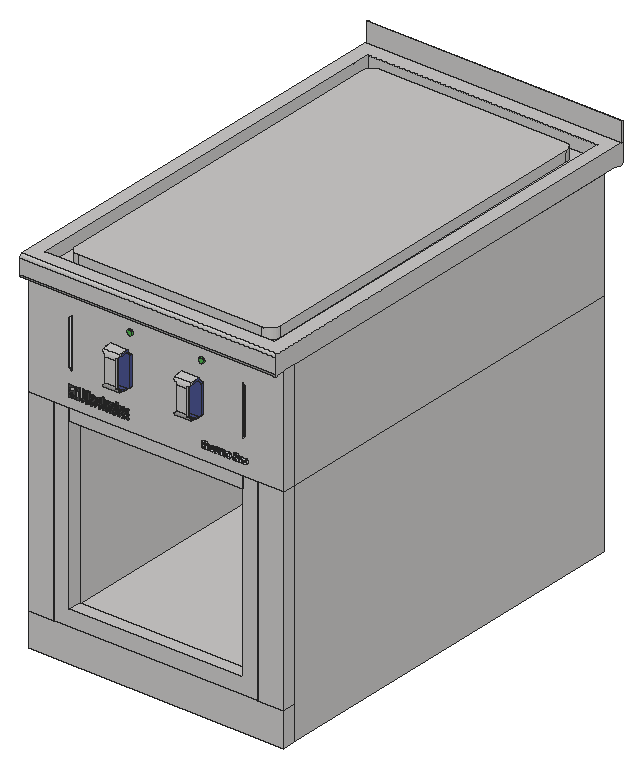
Revit family "QF_ELECTROLUXPROFESSIONAL_588681_MBLBGBEDAO", category Attrezzature speciali, Revit 2021
Family settings
  Quota connettore circolare = Usa diametro
  Tipo di parte = Normale
  Basato su piano di lavoro = No
  Sempre verticale = Sì
  Taglio con vuoti quando caricato = No
  Condiviso = No
  Punto di calcolo locali = No
Parameters (values of type "Standard")
  Weight = 90.00 kg
  Watts = 6000 W
  Volts = 400 V
  URL Manufacturer = "https://www.electroluxprofessional.com/"
  URL = "https://www.electroluxprofessional.com/"
  Steam Supply Size = 0"
  Steam Supply Minimum Pressure = 0.00 psi
  Steam Supply Maximum Pressure = 0.00 psi
  Steam Consumption per Hour = 0
  Refrigeration Suction Line Size = 0 mm
  Refrigeration Liquid Line Size = 0 mm
  Refrigerant Compressor Remote = yes
  Prospetto di default = 0 mm
  Phase = 3
  Modello = "MBLBGBEDAO"
  Produttore = "Electrolux Professional"
  Length Actual = 500 mm  # constant formula
  Item Number = "588681"
  Hot Water Size = 0"
  Height Actual = 700 mm  # constant formula
  HP = "8 HP"
  Gas Size = 0"
  Gas KW = 0
  Gas Input Pressure = 0.0 Btu/h
  Direct Waste Size = 0"
  Descrizione = "EL.SOLID TOP,2ZONE,ECO,1S,BS,500X850X700"
  Depth Actual = 850 mm  # constant formula
  Cycle = 50 Hz
  Condensate Return Size = 0"
  Compressed Air Volume = 0 GPM
  Compressed Air Size = 0"
  Compressed Air Pressure = 0.00 psi
  Cold Water Size = 0"
  Accessory = yes
Reference planes
  plane 1 "BACK": y = 0
  plane 2: z = 0
  plane 3 "LEFT": x = 0
  plane 4 "RIGHT": x = 500
  plane 5 "FRONT": y = -850
  plane 6 "TOP": z = 900
  plane 7 "Center (Left/Right)": x = 250
  plane 8: y = -425
  plane 9: y = -150
  plane 10: x = 25
  plane 11: x = 475
  plane 12: y = -30
  plane 13: y = -820
  plane 14 "EIx": x = 455
  plane 15 "EIy": y = -635
  plane 16: z = 938
  plane 17 "BaseTop": z = 650
  plane 18: y = -805
  plane 19 "Base": z = 200
Forms (mm)
  Extrusion 1, solid, material "QF_Finishes_Stainless Steel"
    sketch origin (-178.969, -4572, 100) x (-1, 0, 0) y (0, -1, 0)
      loop
        line (-178.969, -4527) -> (-178.969, -3767) -> (-678.969, -3767) -> (-678.969, -4527) -> (-178.969, -4527)
    from 550 to 762.969
  Extrusion 2, solid, material "QF_Finishes_Stainless Steel"
    sketch origin (0, 0, 200) x (-1, 0, 0) y (0, -1, 0)
      loop
        circle (-455, 635) r 6.35
    from 0 to -11.851
  Extrusion 3, solid, material "QF_Finishes_Stainless Steel"
    sketch origin (250, 296.4, 1219.2) x (0, 1, 0) y (0, 0, 1)
      loop
        line (-296.4, -319.2) -> (-1141.4, -319.2)
        arc (-1141.4, -319.2) -> (-1144.935, -320.664) -> (-1146.4, -324.2) r 5
        line (-1146.4, -324.2) -> (-1146.4, -355.2)
        arc (-1146.4, -355.2) -> (-1144.971, -358.264) -> (-1141.705, -359.139) r 4
        line (-1141.705, -359.139) -> (-1126.4, -356.231) -> (-316.4, -356.231) -> (-301.094, -359.139)
        arc (-301.094, -359.139) -> (-297.829, -358.264) -> (-296.4, -355.2) r 4
        line (-296.4, -355.2) -> (-296.4, -319.2)
    from -250 to 250
  Extrusion 4, solid, material "QF_Finishes_Stainless Steel"
    sketch origin (0, 0, 900) x (-1, 0, 0) y (0, -1, 0)
      loop
        arc (-70, 55) -> (-55.858, 60.858) -> (-50, 75) r 20
        line (-50, 75) -> (-50, 775)
        arc (-50, 775) -> (-55.858, 789.142) -> (-70, 795) r 20
        line (-70, 795) -> (-430, 795)
        arc (-430, 795) -> (-444.142, 789.142) -> (-450, 775) r 20
        line (-450, 775) -> (-450, 75)
        arc (-450, 75) -> (-444.142, 60.858) -> (-430, 55) r 20
        line (-430, 55) -> (-70, 55)
    from 0 to -20
  Extrusion 5, void
    sketch origin (0, 0, 900) x (-1, 0, 0) y (0, -1, 0)
      loop
        line (-25, 820) -> (-475, 820) -> (-475, 30) -> (-25, 30) -> (-25, 820)
    from 0 to -25
  Extrusion 6, solid, material "QF_Finishes_Stainless Steel"
    sketch origin (250, 296.4, 1219.2) x (0, 1, 0) y (0, 0, 1)
      loop
        line (-296.4, -319.2) -> (-296.4, -281.2) -> (-298.4, -281.2) -> (-298.4, -319.2) -> (-296.4, -319.2)
    from 250 to -250
Cuts and joins
  Extrusion 5 cuts Extrusion 3
Lines and regions (mm)
  symbolic lines
    curve 1: line (0, 0, 100) -> (500, 0, 100)
    curve 2: line (0, -850, 100) -> (0, 0, 100)
    curve 3: line (500, -850, 100) -> (0, -850, 100)
    curve 4: line (500, 0, 100) -> (500, -850, 100)
    curve 5: line (0, -2, 0) -> (500, -2, 0)
    curve 6: arc (70, -55, 0) -> (55.858, -60.858, 0) -> (50, -75, 0) r 20
    curve 7: line (430, -55, 0) -> (70, -55, 0)
    curve 8: line (50, -75, 0) -> (50, -775, 0)
    curve 9: line (70, -795, 0) -> (430, -795, 0)
    curve 10: arc (50, -775, 0) -> (55.858, -789.142, 0) -> (70, -795, 0) r 20
    curve 11: arc (430, -795, 0) -> (444.142, -789.142, 0) -> (450, -775, 0) r 20
    curve 12: line (450, -775, 0) -> (450, -75, 0)
    curve 13: arc (450, -75, 0) -> (444.142, -60.858, 0) -> (430, -55, 0) r 20
  model lines, style "SpecialityEquipment"
    curve 14: arc (250, -211, 900) -> (196.967, -339.033, 900) -> (325, -286, 900) r 75
    curve 15: line (305, -286, 900) -> (345, -286, 900)
    curve 16: line (345, -286, 900) -> (325, -266, 900)
    curve 17: line (305, -286, 900) -> (325, -266, 900)
    curve 18: arc (250, -539, 900) -> (196.967, -667.033, 900) -> (325, -614, 900) r 75
    curve 19: line (305, -614, 900) -> (345, -614, 900)
    curve 20: line (345, -614, 900) -> (325, -594, 900)
    curve 21: line (305, -614, 900) -> (325, -594, 900)
Dimensions and locks
  plane 3 "LEFT" to plane 4 "RIGHT" = 500 mm
  locked: plane 5 "FRONT" to plane 1 "BACK" at 850
  equal spacing: plane 3 "LEFT", plane 7 "Center (Left/Right)", plane 4 "RIGHT"
  equal spacing: plane 5 "FRONT", plane 8, plane 1 "BACK"
  plane 6 "TOP" to level = 900 mm  (x2)
  plane 1 "BACK" to plane 9 = 150 mm
  plane 1 "BACK" to Extrusion 2 = 635 mm
  locked: plane 14 "EIx" to plane 4 "RIGHT" at 45
  locked: plane 15 "EIy" to plane 1 "BACK" at 635
  plane 16 to plane 6 "TOP" = 38 mm
  plane 12 to plane 1 "BACK" = 30 mm
  plane 5 "FRONT" to plane 13 = 30 mm
  plane 3 "LEFT" to plane 10 = 25 mm
  plane 11 to plane 4 "RIGHT" = 25 mm
  locked: plane 6 "TOP" to plane 17 "BaseTop" at 250
  locked: plane 18 to plane 5 "FRONT" at 45
  aligned and locked: level to plane 2
  aligned and locked: cut or joined group of Extrusion 3, Extrusion 5 to plane 3 "LEFT"
  aligned and locked: cut or joined group of Extrusion 3, Extrusion 5 to plane 4 "RIGHT"
  aligned and locked: Extrusion 5 sketch curve to plane 10
  aligned and locked: plane 12 to Extrusion 5 sketch curve
  aligned and locked: plane 11 to Extrusion 5 sketch curve
  aligned and locked: Extrusion 5 sketch curve to plane 13
  aligned and locked: nested 1 to plane 18
  aligned and locked: Extrusion 1 to plane 18
  aligned and locked: Extrusion 6 to plane 3 "LEFT"
  aligned and locked: Extrusion 6 to plane 4 "RIGHT"
  aligned and locked: plane 3 "LEFT" to nested 1
  aligned and locked: plane 3 "LEFT" to nested 2
  aligned and locked: Extrusion 1 to nested 2
Automatic sketch dimensions
  Extrusion 3 sketch curve to plane 5 "FRONT" = 0 mm
  Extrusion 3 sketch curve to plane 6 "TOP" = 0 mm
  Extrusion 3 sketch curve to plane 1 "BACK" = 0 mm
  Extrusion 3 sketch curve to plane 5 "FRONT" = 4 mm
  Extrusion 3 sketch curve to Extrusion 3 sketch curve = 0.695 mm
  Extrusion 3 sketch curve to plane 5 "FRONT" = 5 mm
  Extrusion 3 sketch curve to Extrusion 3 sketch curve = 15.305 mm
  plane 1 "BACK" to Extrusion 3 sketch curve = 20 mm
  plane 1 "BACK" to Extrusion 3 sketch curve = 4.695 mm
  Extrusion 3 sketch curve to Extrusion 3 sketch curve = 4 mm
  Extrusion 3 sketch curve to Extrusion 3 sketch curve = 31 mm
  Extrusion 3 sketch curve to plane 6 "TOP" = 36 mm
  Extrusion 3 sketch curve to Extrusion 3 sketch curve = 2.909 mm
  Extrusion 1 sketch curve to plane 4 "RIGHT" = 0 mm
  Extrusion 1 sketch curve to plane 3 "LEFT" = 0 mm
  plane 1 "BACK" to Extrusion 1 sketch curve = 45 mm
  plane 1 "BACK" to curve 1 = 0 mm
  curve 1 to plane 4 "RIGHT" = 0 mm
  curve 2 to plane 3 "LEFT" = 0 mm
  plane 5 "FRONT" to curve 3 = 0 mm
  Extrusion 1 sketch curve to plane 5 "FRONT" = 45 mm
  Extrusion 6 sketch curve to plane 6 "TOP" = 0 mm
  Extrusion 6 sketch curve to plane 16 = 0 mm
  Extrusion 6 sketch curve to plane 1 "BACK" = 0 mm
  Extrusion 6 sketch curve to Extrusion 6 sketch curve = 2 mm
  curve 5 to plane 3 "LEFT" = 0 mm
  curve 5 to plane 4 "RIGHT" = 0 mm
  plane 1 "BACK" to curve 5 = 2 mm
  plane 11 to Extrusion 4 sketch curve = 25 mm
  Extrusion 4 sketch curve to Extrusion 4 sketch curve = 20 mm  (x3)
  plane 9 to Extrusion 4 sketch curve = 75 mm
  Extrusion 4 sketch curve to plane 10 = 45 mm
  Extrusion 4 sketch curve to plane 13 = 45 mm  (x2)
  Extrusion 2 sketch curve to plane 14 "EIx" = 0 mm
  Extrusion 2 sketch curve to plane 15 "EIy" = 0 mm
  curve 6 to plane 10 = 45 mm
  plane 12 to curve 7 = 25 mm
  curve 6 to curve 6 = 20 mm
  plane 18 to curve 8 = 30 mm
  plane 18 to curve 9 = 10 mm
  plane 14 "EIx" to curve 9 = 25 mm
  curve 11 to curve 11 = 20 mm
  curve 12 to curve 7 = 20 mm
  curve 14 to plane 7 "Center (Left/Right)" = 0 mm
  curve 18 to plane 7 "Center (Left/Right)" = 0 mm
  curve 14 to plane 9 = 136 mm
  plane 15 "EIy" to curve 18 = 21 mm
  plane 7 "Center (Left/Right)" to curve 21 = 55 mm
  plane 7 "Center (Left/Right)" to curve 17 = 55 mm
  curve 18 to curve 19 = 20 mm
  curve 17 to curve 15 = 20 mm
  curve 21 to curve 18 = 0 mm
  curve 14 to curve 15 = 20 mm
  curve 17 to curve 14 = 20 mm
  curve 21 to curve 18 = 20 mm
  radius of Extrusion 2 sketch curve = 6.35 mm
Nested families
  nested 1: "Front_Panel_W500_2 Knobs_2Spie" at (52.376, -805, 0), type "Front_Panel_W500_2 Knobs_2Spie"
  nested 2: "QF_ELECTROLUXPROFESSIONAL_588641_MB1NCAEOOO" at (0, 0, 0), type "QF_ELECTROLUXPROFESSIONAL_588641_MB1NCAEOOO"
    with Type Mark "", Specification by User "", Revision Code "", Item Number "", Installed By "", Identify Quantity as Lot yes, Furnished By "", Foodservice Equipment Identifier yes
Connectors
  electrical at (455, -635, 188.149)
    settings: on Extrusion 2, index 1, voltage 400 V, apparent load 33000 VA, apparent load phase1 0 VA, apparent load phase2 0 VA, apparent load phase3 0 VA, power factor 1, load classification "Other", number of poles 1, system type 30, power factor state 1, is connector primary yes, connector utility no, sub classification motor no, connector description "ELECTRICAL CONNECTION"
Definition of nested family "Front_Panel_W500_2 Knobs_2Spie"
  Parameters
    Default Elevation = 0 mm
  Reference planes
    plane 1 "Center (Front/Back)": y = 0
    plane 2: z = 0
    plane 3 "Center (Left/Right)": x = 197.624
    plane 4 "Left": x = -52.376
    plane 5 "Right": x = 447.624
    plane 6: y = -45
    plane 7 "Panel": y = -25
  Forms (mm)
    Extrusion 1, solid
      sketch origin (833.217, 829.203, -1.25) x (0, 1, 0) y (0, 0, 1)
        loop
          line (-854.203, 651.25) -> (-829.203, 651.25) -> (-829.203, 864.25) -> (-854.203, 864.25) -> (-854.203, 651.25)
      from -885.593 to -385.593
    Extrusion 2, void
      sketch origin (0, -25, -10) x (0, 0, 1) y (-1, 0, 0)
        loop
          line (731.866, -27.624) -> (726.866, -32.624) -> (823.866, -32.624) -> (818.866, -27.624) -> (731.866, -27.624)
        loop
          line (731.866, -372.624) -> (818.866, -372.624) -> (823.866, -367.624) -> (726.866, -367.624) -> (731.866, -372.624)
      from 0 to -2
    Extrusion 3, solid
      sketch origin (160, -25, 1.163) x (0, 0, 1) y (-1, 0, 0)
        loop
          circle (824.337, 12.376) r 5
      from 0 to 1.7
    Extrusion 4, solid
      sketch origin (0, -25, -10) x (0, 0, 1) y (-1, 0, 0)
        loop
          line (731.866, -27.624) -> (726.866, -32.624) -> (823.866, -32.624) -> (818.866, -27.624) -> (731.866, -27.624)
        loop
          line (726.866, -367.624) -> (731.866, -372.624) -> (818.866, -372.624) -> (823.866, -367.624) -> (726.866, -367.624)
      from 0 to -2
    Extrusion 5, solid
      sketch origin (300, -25, 1.163) x (0, 0, 1) y (-1, 0, 0)
        loop
          circle (824.337, 12.376) r 5
      from 0 to 1.7
  Cuts and joins
    Extrusion 2 cuts Extrusion 1
  Dimensions and locks
    equal spacing: plane 5 "Right", plane 3 "Center (Left/Right)", plane 4 "Left"
    plane 5 "Right" to plane 4 "Left" = 500 mm
    aligned and locked: cut or joined group of Extrusion 1, Extrusion 2 to plane 4 "Left"
    aligned and locked: plane 5 "Right" to cut or joined group of Extrusion 1, Extrusion 2
  Automatic sketch dimensions
    Extrusion 1 sketch curve to plane 7 "Panel" = 0 mm
    Extrusion 1 sketch curve to plane 1 "Center (Front/Back)" = 0 mm
    level to Extrusion 1 sketch curve = 650 mm
    Extrusion 1 sketch curve to Extrusion 1 sketch curve = 213 mm
    Extrusion 2 sketch curve to plane 5 "Right" = 80 mm
    level to Extrusion 2 sketch curve = 716.866 mm
    plane 4 "Left" to Extrusion 2 sketch curve = 85 mm
    Extrusion 2 sketch curve to Extrusion 2 sketch curve = 0 mm
    plane 4 "Left" to Extrusion 2 sketch curve = 80 mm
    Extrusion 2 sketch curve to Extrusion 2 sketch curve = 5 mm  (x4)
    Extrusion 2 sketch curve to plane 5 "Right" = 75 mm
    Extrusion 2 sketch curve to Extrusion 2 sketch curve = 87 mm  (x2)
    Extrusion 3 sketch curve to plane 3 "Center (Left/Right)" = 50 mm
    level to Extrusion 3 sketch curve = 825.5 mm
    Extrusion 4 sketch curve to plane 5 "Right" = 80 mm
    level to Extrusion 4 sketch curve = 716.866 mm
    plane 4 "Left" to Extrusion 4 sketch curve = 85 mm
    Extrusion 4 sketch curve to Extrusion 4 sketch curve = 0 mm
    Extrusion 4 sketch curve to Extrusion 4 sketch curve = 5 mm  (x5)
    plane 4 "Left" to Extrusion 4 sketch curve = 80 mm
    Extrusion 4 sketch curve to Extrusion 4 sketch curve = 87 mm  (x2)
    plane 3 "Center (Left/Right)" to Extrusion 5 sketch curve = 90 mm
    level to Extrusion 5 sketch curve = 825.5 mm
    radius of Extrusion 3 sketch curve = 5 mm
    radius of Extrusion 5 sketch curve = 5 mm
  Nested families
    nested 1: "Range Control Handle" at (127.624, -28.137, -209.113) x (-1, 0, 0) z (0, 0, 1), type "Range Control Handle"
    nested 2: "ELX_ThermaLine_Small" at (328.825, -25, 679.391) x (1, 0, 0) z (0, -1, 0), type "ELX_ThermaLine_Small"
      with Show Logo yes, Material_Logo none
    nested 3: "ELX_Professional_Logo_Small" at (87.097, -25, 681.624) x (1, 0, 0) z (0, -1, 0), type "ELX_Professional_Logo_Small"
      with Show Logo yes, Material_Logo none
    nested 4: "Range Control Handle" at (267.624, -28.137, -209.113) x (-1, 0, 0) z (0, 0, 1), type "Range Control Handle"
  Definition of nested family "Range Control Handle"
    Parameters
      Default Elevation = 0 mm
    Reference planes
      plane 1 "Center (Front/Back)": y = 0
      plane 2: z = 0
      plane 3 "Center (Left/Right)": x = 0
      plane 4: z = 971.092
      plane 5: y = -16.9
    Forms (mm)
      Extrusion 1, solid
        sketch origin (-746.28, 380.497, 208.931) x (-1, 0, 0) y (0, 0, 1)
          loop
            line (-770.101, 786.798) -> (-770.101, 731.649)
            arc (-770.101, 731.649) -> (-769.759, 730.563) -> (-768.855, 729.87) r 1.893
            line (-768.855, 729.87) -> (-763.474, 727.911) -> (-729.81, 727.911) -> (-724.428, 729.87)
            arc (-724.428, 729.87) -> (-723.525, 730.563) -> (-723.183, 731.649) r 1.893
            line (-723.183, 731.649) -> (-723.183, 786.798)
            arc (-723.183, 786.798) -> (-723.529, 787.894) -> (-724.44, 788.593) r 1.91
            line (-724.44, 788.593) -> (-729.683, 790.819) -> (-763.601, 790.819) -> (-768.844, 788.593)
            arc (-768.844, 788.593) -> (-769.755, 787.894) -> (-770.101, 786.798) r 1.91
        from -382.35 to -378.852
      Sweep 2, solid
        path origin (-746.788, 380.496, 208.091) x (0, -1, 0) y (0, 0, 1)
          loop
            line (379.775, 793.281) -> (395.661, 791.048)
            arc (395.661, 791.048) -> (397.781, 787.377) -> (398.517, 783.202) r 12.207
            line (398.517, 783.202) -> (398.517, 737.368)
            arc (398.517, 737.368) -> (397.781, 733.193) -> (395.661, 729.522) r 12.207
            line (395.661, 729.522) -> (379.775, 727.289)
        profile origin (-746.788, -7.222, 1000.256) x (0, -0.139173, 0.990268) y (-1, 0, 0)
          loop
            line (0.782, -763.123) -> (0.782, -730.907) -> (-1.322, -730.907) -> (-1.322, -763.123) -> (0.782, -763.123)
      Sweep 3, solid
        path origin (-746.788, 380.715, 207.832) x (0, -1, 0) y (0, 0, 1)
          loop
            line (380.478, 795.442) -> (397.218, 793.09)
            arc (397.218, 793.09) -> (399.929, 788.473) -> (400.871, 783.202) r 15.207
            line (400.871, 783.202) -> (400.871, 737.584)
            arc (400.871, 737.584) -> (399.914, 732.274) -> (397.164, 727.633) r 15.207
            line (397.164, 727.633) -> (380.601, 725.305)
        profile origin (-746.788, -8.132, 1002.099) x (0, -0.139173, 0.990268) y (-1, 0, 0)
          loop
            line (0.782, -763.123) -> (0.782, -730.907) -> (-1.322, -730.907) -> (-1.322, -763.123) -> (0.782, -763.123)
      Extrusion 4, void
        sketch origin (889.253, 220.666, 207.993) x (1, 0, 0) y (0, 0, 1)
          loop
            line (-943.038, 816.854) -> (-943.038, 703.686) -> (-899.466, 734.196) -> (-899.466, 786.344) -> (-943.038, 816.854)
        from 230.636 to 242.25
      Extrusion 5, void
        sketch origin (-888.8, 220.666, 207.993) x (-1, 0, 0) y (0, 0, -1)
          loop
            line (-943.038, -816.854) -> (-899.466, -786.344) -> (-899.466, -734.196) -> (-943.038, -703.686) -> (-943.038, -816.854)
        from 230.636 to 242.25
      Extrusion 6, solid
        sketch origin (0, 0, 0) x (1, 0, 0) y (0, 0, 1)
          loop
            circle (0, 971.092) r 7.736
        from -3.137 to -1.645
    Cuts and joins
      Extrusion 4, Extrusion 5 cuts Sweep 3
      Extrusion 4, Extrusion 5 cuts Sweep 2
      joined: Extrusion 1, Extrusion 6
    Lines and regions (mm)
      symbolic lines
        curve 1: line (16.334, -16.9, 0) -> (16.334, -19.227, 0)
        curve 2: spline (16.334, -19.227, 0) -> (15.87, -19.385, 0) -> (15.404, -19.536, 0) -> (14.936, -19.678, 0) -> (14.466, -19.813, 0) -> (13.995, -19.94, 0) -> (13.523, -20.059, 0) -> (13.049, -20.171, 0) -> (12.575, -20.274, 0) -> (12.099, -20.37, 0) -> (11.622, -20.458, 0) -> (11.144, -20.537, 0) -> (10.666, -20.609, 0)
        curve 3: line (10.666, -16.9, 0) -> (10.666, -20.938, 0)
        curve 4: line (-10.213, -20.938, 0) -> (10.666, -20.938, 0)
        curve 5: line (-10.213, -20.938, 0) -> (-10.213, -16.9, 0)
        curve 6: spline (-10.213, -20.609, 0) -> (-10.691, -20.537, 0) -> (-11.169, -20.458, 0) -> (-11.646, -20.37, 0) -> (-12.122, -20.274, 0) -> (-12.597, -20.171, 0) -> (-13.07, -20.059, 0) -> (-13.542, -19.94, 0) -> (-14.013, -19.813, 0) -> (-14.483, -19.678, 0) -> (-14.951, -19.536, 0) -> (-15.417, -19.385, 0) -> (-15.881, -19.227, 0)
        curve 7: line (-15.881, -19.227, 0) -> (-15.881, -16.9, 0)
  Definition of nested family "ELX_ThermaLine_Small"
    Parameters
      Show Logo [instance] = yes
      Material_Logo [instance] = none
      Default Elevation = 0 mm
    Reference planes
      plane 1 "Centro (Fronte/Retro)": y = 0
      plane 2: z = 0
      plane 3 "Centro (Sinistra/Destra)": x = 0
    Forms (mm)
      Extrusion 1, solid
        sketch origin (0, 0, 0) x (1, 0, 0) y (0, 1, 0)
          loop
            line (-1219.2, 1219.2) -> (-1219.2, -1219.2) -> (1219.2, -1219.2) -> (1219.2, 1219.2) -> (-1219.2, 1219.2)
        from 0 to -304.8
      Extrusion 2, solid
        sketch origin (0, 0, 0) x (1, 0, 0) y (0, 1, 0)
          loop
            line (-37.494, 1.229) -> (-35.908, 1.229) -> (-35.908, 3.066) -> (-37.494, 3.066) -> (-37.494, 6.221) -> (-39.867, 4.881) -> (-39.867, 3.066) -> (-40.969, 3.066) -> (-40.969, 1.229) -> (-39.867, 1.229) -> (-39.867, -3.407)
            arc (-39.867, -3.407) -> (-38.982, -5.513) -> (-36.751, -6.001) r 2.478
            line (-36.751, -6.001) -> (-35.638, -5.7) -> (-35.9, -3.835) -> (-36.661, -4.039)
            arc (-36.661, -4.039) -> (-37.236, -3.924) -> (-37.494, -3.399) r 0.662
            line (-37.494, -3.399) -> (-37.494, 1.229)
          loop
            line (-34.242, 6.539) -> (-34.242, -5.848) -> (-31.854, -5.848) -> (-31.854, -0.078)
            arc (-31.854, -0.078) -> (-30.939, 1.249) -> (-29.33, 1.367) r 1.866
            arc (-29.33, 1.367) -> (-28.695, 0.768) -> (-28.461, -0.073) r 1.627
            line (-28.461, -0.073) -> (-28.461, -5.848) -> (-26.086, -5.848) -> (-26.064, -0.46)
            arc (-26.064, -0.46) -> (-26.261, 0.932) -> (-26.786, 2.237) r 5.825
            arc (-26.786, 2.237) -> (-29.381, 3.264) -> (-31.854, 1.971) r 3.353
            line (-31.854, 1.971) -> (-31.854, 6.539) -> (-34.242, 6.539)
          loop
            arc (-18.398, -0.598) -> (-18.893, 0.879) -> (-20.326, 1.487) r 1.897
            arc (-20.326, 1.487) -> (-21.461, 0.708) -> (-21.897, -0.598) r 2.164
            line (-21.897, -0.598) -> (-18.398, -0.598)
          loop
            arc (-16.021, -2.044) -> (-16.754, 1.227) -> (-19.444, 3.226) r 4.814
            arc (-19.444, 3.226) -> (-22.137, 2.788) -> (-23.943, 0.743) r 4.054
            arc (-23.943, 0.743) -> (-24.382, -1.249) -> (-24.162, -3.276) r 6.289
            arc (-24.162, -3.276) -> (-23.302, -4.71) -> (-21.958, -5.705) r 4.28
            arc (-21.958, -5.705) -> (-18.558, -5.814) -> (-16.152, -3.409) r 4.28
            line (-16.152, -3.409) -> (-18.5, -2.995)
            arc (-18.5, -2.995) -> (-19.273, -3.994) -> (-20.533, -4.076) r 1.536
            arc (-20.533, -4.076) -> (-21.56, -3.281) -> (-21.958, -2.044) r 2.197
            line (-21.958, -2.044) -> (-16.021, -2.044)
          loop
            line (-14.165, -5.848) -> (-11.819, -5.848) -> (-11.819, -2.138)
            arc (-11.819, -2.138) -> (-11.787, -1.156) -> (-11.637, -0.185) r 8.18
            arc (-11.637, -0.185) -> (-10.644, 0.972) -> (-9.132, 0.776) r 1.603
            line (-9.132, 0.776) -> (-8.419, 2.846)
            arc (-8.419, 2.846) -> (-10.432, 3.118) -> (-11.994, 1.821) r 2.527
            line (-11.994, 1.821) -> (-11.994, 3.094) -> (-14.165, 3.094) -> (-14.165, -5.848)
          loop
            line (-7.579, 3.094) -> (-7.579, -5.848) -> (-5.178, -5.848) -> (-5.178, -0.756)
            arc (-5.178, -0.756) -> (-4.727, 0.679) -> (-3.417, 1.419) r 2.05
            arc (-3.417, 1.419) -> (-2.499, 0.908) -> (-2.155, -0.085) r 1.471
            line (-2.155, -0.085) -> (-2.155, -5.848) -> (0.23, -5.848) -> (0.23, -1.001)
            arc (0.23, -1.001) -> (0.47, 0.127) -> (1.148, 1.061) r 2.775
            arc (1.148, 1.061) -> (2.225, 1.329) -> (3.05, 0.587) r 1.182
            arc (3.05, 0.587) -> (3.199, -0.019) -> (3.214, -0.642) r 2.894
            line (3.214, -0.642) -> (3.214, -5.848) -> (5.601, -5.848) -> (5.601, 0.261)
            arc (5.601, 0.261) -> (4.87, 2.263) -> (2.976, 3.241) r 2.932
            arc (2.976, 3.241) -> (1.284, 2.973) -> (-0.047, 1.896) r 3.309
            arc (-0.047, 1.896) -> (-1.116, 2.865) -> (-2.506, 3.258) r 3.16
            arc (-2.506, 3.258) -> (-4.105, 2.942) -> (-5.376, 1.92) r 3.419
            line (-5.376, 1.92) -> (-5.376, 3.094) -> (-7.579, 3.094)
          loop
            line (7.583, 0.738) -> (9.702, 0.364)
            arc (9.702, 0.364) -> (11.441, 1.492) -> (12.855, -0.023) r 1.613
            line (12.855, -0.023) -> (9.782, -0.789)
            arc (9.782, -0.789) -> (8.559, -1.346) -> (7.617, -2.305) r 3.687
            arc (7.617, -2.305) -> (7.499, -3.681) -> (7.901, -5.003) r 3.651
            arc (7.901, -5.003) -> (9.107, -5.766) -> (10.515, -6.006) r 3.635
            arc (10.515, -6.006) -> (11.898, -5.697) -> (13.067, -4.895) r 3.734
            line (13.067, -4.895) -> (13.376, -5.848) -> (15.75, -5.848) -> (15.212, -4.193) -> (15.212, 0.38)
            arc (15.212, 0.38) -> (14.897, 1.849) -> (13.818, 2.895) r 2.585
            arc (13.818, 2.895) -> (11.792, 3.442) -> (9.719, 3.11) r 5.005
            arc (9.719, 3.11) -> (8.369, 2.178) -> (7.583, 0.738) r 3.54
          loop
            line (19.723, -5.848) -> (22.233, -5.848) -> (24.854, 6.484) -> (22.345, 6.484) -> (19.723, -5.848)
          loop
            line (24.583, -5.848) -> (26.953, -5.848) -> (28.848, 3.066) -> (26.478, 3.066) -> (24.583, -5.848)
          loop
            line (27.204, 6.484) -> (26.741, 4.305) -> (29.111, 4.305) -> (29.575, 6.484) -> (27.204, 6.484)
          loop
            line (29.355, -5.848) -> (31.849, -5.848) -> (33.098, 0.028)
            arc (33.098, 0.028) -> (34.169, 1.306) -> (35.832, 1.422) r 2.132
            arc (35.832, 1.422) -> (36.324, 0.752) -> (36.383, -0.078) r 1.5
            line (36.383, -0.078) -> (35.157, -5.848) -> (37.536, -5.848) -> (38.936, 0.738)
            arc (38.936, 0.738) -> (38.775, 2.091) -> (37.825, 3.066) r 2.118
            arc (37.825, 3.066) -> (35.392, 3.175) -> (33.295, 1.937) r 4.271
            line (33.295, 1.937) -> (33.535, 3.066) -> (31.25, 3.066) -> (29.355, -5.848)
          loop
            line (42.792, -0.64) -> (46.589, -0.64)
            arc (46.589, -0.64) -> (46.639, 0.124) -> (46.327, 0.823) r 1.589
            arc (46.327, 0.823) -> (45.117, 1.521) -> (43.762, 1.183) r 1.865
            arc (43.762, 1.183) -> (43.141, 0.344) -> (42.792, -0.64) r 3.538
          loop
            line (42.565, -2.138) -> (48.593, -2.138)
            arc (48.593, -2.138) -> (48.58, 0.597) -> (46.983, 2.818) r 4.494
            arc (46.983, 2.818) -> (44.191, 3.28) -> (41.725, 1.891) r 4.26
            arc (41.725, 1.891) -> (40.503, -0.3) -> (40.284, -2.799) r 6.003
            arc (40.284, -2.799) -> (40.959, -4.468) -> (42.377, -5.576) r 3.482
            arc (42.377, -5.576) -> (44.265, -5.961) -> (46.152, -5.576) r 4.823
            arc (46.152, -5.576) -> (47.432, -4.731) -> (48.328, -3.485) r 4.245
            line (48.328, -3.485) -> (46.168, -3.105)
            arc (46.168, -3.105) -> (45.214, -4.072) -> (43.859, -4.181) r 1.953
            arc (43.859, -4.181) -> (42.821, -3.408) -> (42.565, -2.138) r 1.81
          loop
            line (12.868, -1.553) -> (10.216, -2.214)
            arc (10.216, -2.214) -> (9.747, -3.136) -> (10.216, -4.058) r 1.14
            arc (10.216, -4.058) -> (11.537, -4.249) -> (12.614, -3.46) r 1.763
            arc (12.614, -3.46) -> (12.858, -2.522) -> (12.868, -1.553) r 3.97
        from 0 to 1.6
    Dimensions and locks
      aligned and locked: plane 2 to Extrusion 1
      aligned and locked: level to Extrusion 1
  Definition of nested family "ELX_Professional_Logo_Small"
    Parameters
      Show Logo [instance] = yes
      Material_Logo [instance] = none
      Default Elevation = 0 mm
    Reference planes
      plane 1 "Centro (Fronte/Retro)": y = 0
      plane 2: z = 0
      plane 3 "Centro (Sinistra/Destra)": x = 0
    Forms (mm)
      Extrusion 1, solid
        sketch origin (0, 0, 0) x (1, 0, 0) y (0, 1, 0)
          loop
            line (-1219.2, 1219.2) -> (-1219.2, -1219.2) -> (1219.2, -1219.2) -> (1219.2, 1219.2) -> (-1219.2, 1219.2)
        from 0 to -304.8
      Extrusion 2, solid, material <- "Material_Logo"
        sketch origin (15.5, 0, 0) x (1, 0, 0) y (0, 1, 0)
          loop
            spline (-42.99, -1.24) -> (-43.195, -1.231) -> (-43.415, -1.203) -> (-43.642, -1.152) -> (-43.87, -1.074) -> (-44.095, -0.966) -> (-44.309, -0.825) -> (-44.506, -0.647) -> (-44.681, -0.429) -> (-44.828, -0.167) -> (-44.94, 0.142) -> (-45.011, 0.501) -> (-45.037, 0.915)
            line (-45.037, 0.915) -> (-45.037, 2.748) -> (-38.984, 2.748) -> (-38.984, 5.086) -> (-45.038, 5.086) -> (-45.038, 8.489) -> (-38.599, 8.489) -> (-38.599, 10.82) -> (-47.515, 10.82) -> (-47.515, 1.021)
            spline (-47.515, 1.021) -> (-47.493, 0.418) -> (-47.425, -0.15) -> (-47.311, -0.682) -> (-47.15, -1.175) -> (-46.939, -1.628) -> (-46.678, -2.038) -> (-46.365, -2.404) -> (-46, -2.723) -> (-45.58, -2.995) -> (-45.105, -3.216) -> (-44.573, -3.385) -> (-43.983, -3.499)
            line (-43.983, -3.499) -> (-43.01, -3.569) -> (-38.426, -3.569) -> (-38.426, -1.24) -> (-42.99, -1.24)
          loop
            line (-36.666, 4.021) -> (-36.666, -3.573) -> (-34.188, -3.573) -> (-34.188, 10.824) -> (-36.666, 10.824) -> (-36.666, 4.021)
          loop
            spline (-21.915, 1.897) -> (-21.957, 2.615) -> (-22.082, 3.303) -> (-22.285, 3.955) -> (-22.563, 4.564) -> (-22.913, 5.124) -> (-23.331, 5.629) -> (-23.814, 6.074) -> (-24.359, 6.451) -> (-24.961, 6.755) -> (-25.618, 6.98) -> (-26.326, 7.119) -> (-27.081, 7.167)
            spline (-27.081, 7.167) -> (-27.853, 7.122) -> (-28.586, 6.99) -> (-29.275, 6.774) -> (-29.915, 6.478) -> (-30.5, 6.104) -> (-31.024, 5.657) -> (-31.483, 5.138) -> (-31.871, 4.553) -> (-32.182, 3.904) -> (-32.411, 3.194) -> (-32.552, 2.427) -> (-32.6, 1.606)
            spline (-32.6, 1.606) -> (-32.553, 0.805) -> (-32.416, 0.057) -> (-32.193, -0.637) -> (-31.887, -1.271) -> (-31.504, -1.843) -> (-31.048, -2.35) -> (-30.523, -2.788) -> (-29.934, -3.154) -> (-29.284, -3.444) -> (-28.579, -3.656) -> (-27.822, -3.785) -> (-27.019, -3.829)
            spline (-27.019, -3.829) -> (-26.627, -3.82) -> (-26.239, -3.79) -> (-25.856, -3.739) -> (-25.477, -3.663) -> (-25.103, -3.562) -> (-24.734, -3.432) -> (-24.369, -3.273) -> (-24.01, -3.082) -> (-23.655, -2.858) -> (-23.305, -2.597) -> (-22.96, -2.299) -> (-22.621, -1.962)
            line (-22.621, -1.962) -> (-24.114, -0.509)
            spline (-24.114, -0.509) -> (-24.311, -0.699) -> (-24.509, -0.872) -> (-24.71, -1.03) -> (-24.915, -1.172) -> (-25.126, -1.297) -> (-25.346, -1.407) -> (-25.576, -1.5) -> (-25.817, -1.576) -> (-26.072, -1.636) -> (-26.342, -1.678) -> (-26.629, -1.704) -> (-26.936, -1.713)
            spline (-26.936, -1.713) -> (-27.384, -1.691) -> (-27.805, -1.625) -> (-28.196, -1.518) -> (-28.556, -1.372) -> (-28.882, -1.187) -> (-29.174, -0.966) -> (-29.429, -0.71) -> (-29.645, -0.422) -> (-29.821, -0.102) -> (-29.955, 0.247) -> (-30.045, 0.623) -> (-30.089, 1.026)
            line (-30.089, 1.026) -> (-21.956, 1.026) -> (-21.915, 1.897)
          loop
            spline (-24.446, 2.769) -> (-24.47, 3.075) -> (-24.54, 3.37) -> (-24.654, 3.65) -> (-24.807, 3.913) -> (-24.996, 4.156) -> (-25.219, 4.376) -> (-25.472, 4.57) -> (-25.753, 4.736) -> (-26.057, 4.869) -> (-26.382, 4.968) -> (-26.724, 5.03) -> (-27.081, 5.051)
            spline (-27.081, 5.051) -> (-27.464, 5.03) -> (-27.832, 4.97) -> (-28.183, 4.872) -> (-28.513, 4.74) -> (-28.819, 4.577) -> (-29.099, 4.384) -> (-29.347, 4.165) -> (-29.563, 3.923) -> (-29.742, 3.659) -> (-29.881, 3.377) -> (-29.977, 3.079) -> (-30.027, 2.769)
            line (-30.027, 2.769) -> (-24.446, 2.769)
          loop
            spline (-18.167, 1.669) -> (-18.138, 2.13) -> (-18.055, 2.567) -> (-17.921, 2.978) -> (-17.739, 3.358) -> (-17.512, 3.705) -> (-17.243, 4.016) -> (-16.937, 4.287) -> (-16.596, 4.517) -> (-16.223, 4.7) -> (-15.823, 4.835) -> (-15.398, 4.919) -> (-14.951, 4.947)
            spline (-14.951, 4.947) -> (-14.677, 4.938) -> (-14.414, 4.913) -> (-14.162, 4.871) -> (-13.921, 4.812) -> (-13.69, 4.738) -> (-13.467, 4.649) -> (-13.254, 4.544) -> (-13.048, 4.424) -> (-12.85, 4.291) -> (-12.659, 4.143) -> (-12.474, 3.981) -> (-12.295, 3.806)
            line (-12.295, 3.806) -> (-10.76, 5.403)
            spline (-10.76, 5.403) -> (-11.065, 5.709) -> (-11.38, 5.984) -> (-11.703, 6.228) -> (-12.035, 6.443) -> (-12.375, 6.63) -> (-12.723, 6.788) -> (-13.078, 6.92) -> (-13.44, 7.026) -> (-13.809, 7.107) -> (-14.184, 7.164) -> (-14.564, 7.198) -> (-14.951, 7.209)
            spline (-14.951, 7.209) -> (-15.725, 7.161) -> (-16.467, 7.02) -> (-17.169, 6.792) -> (-17.826, 6.482) -> (-18.43, 6.096) -> (-18.976, 5.637) -> (-19.455, 5.112) -> (-19.862, 4.525) -> (-20.19, 3.882) -> (-20.433, 3.189) -> (-20.584, 2.449) -> (-20.635, 1.669)
            spline (-20.635, 1.669) -> (-20.584, 0.889) -> (-20.433, 0.149) -> (-20.19, -0.545) -> (-19.862, -1.187) -> (-19.455, -1.774) -> (-18.976, -2.299) -> (-18.43, -2.758) -> (-17.826, -3.145) -> (-17.169, -3.454) -> (-16.467, -3.682) -> (-15.725, -3.823) -> (-14.951, -3.871)
            spline (-14.951, -3.871) -> (-14.564, -3.86) -> (-14.184, -3.826) -> (-13.809, -3.77) -> (-13.44, -3.689) -> (-13.078, -3.583) -> (-12.723, -3.451) -> (-12.375, -3.292) -> (-12.035, -3.105) -> (-11.703, -2.89) -> (-11.38, -2.646) -> (-11.065, -2.371) -> (-10.76, -2.066)
            line (-10.76, -2.066) -> (-12.295, -0.468)
            spline (-12.295, -0.468) -> (-12.474, -0.643) -> (-12.659, -0.805) -> (-12.85, -0.953) -> (-13.048, -1.087) -> (-13.254, -1.206) -> (-13.467, -1.311) -> (-13.69, -1.4) -> (-13.921, -1.475) -> (-14.162, -1.533) -> (-14.414, -1.575) -> (-14.677, -1.6) -> (-14.951, -1.609)
            spline (-14.951, -1.609) -> (-15.398, -1.581) -> (-15.823, -1.497) -> (-16.223, -1.362) -> (-16.596, -1.179) -> (-16.937, -0.95) -> (-17.243, -0.678) -> (-17.512, -0.367) -> (-17.739, -0.02) -> (-17.921, 0.36) -> (-18.055, 0.771) -> (-18.138, 1.208) -> (-18.167, 1.669)
          loop
            spline (-4.441, -1.243) -> (-4.659, -1.247) -> (-4.894, -1.23) -> (-5.137, -1.19) -> (-5.384, -1.121) -> (-5.628, -1.021) -> (-5.864, -0.884) -> (-6.084, -0.708) -> (-6.283, -0.488) -> (-6.454, -0.219) -> (-6.592, 0.101) -> (-6.69, 0.478) -> (-6.742, 0.914)
            line (-6.742, 0.914) -> (-6.742, 4.587) -> (-4.487, 4.587) -> (-4.487, 6.838) -> (-6.738, 6.838) -> (-6.738, 10.824) -> (-9.217, 10.824) -> (-9.217, 0.773)
            spline (-9.217, 0.773) -> (-9.164, 0.19) -> (-9.068, -0.358) -> (-8.928, -0.87) -> (-8.742, -1.343) -> (-8.511, -1.777) -> (-8.232, -2.168) -> (-7.904, -2.515) -> (-7.527, -2.816) -> (-7.098, -3.069) -> (-6.618, -3.273) -> (-6.084, -3.426) -> (-5.496, -3.525)
            line (-5.496, -3.525) -> (-4.45, -3.573) -> (-4.441, -1.243)
          loop
            spline (3.898, 6.983) -> (3.469, 7.009) -> (3.056, 7.001) -> (2.661, 6.961) -> (2.283, 6.888) -> (1.925, 6.785) -> (1.588, 6.652) -> (1.272, 6.49) -> (0.979, 6.301) -> (0.71, 6.085) -> (0.465, 5.844) -> (0.247, 5.578) -> (0.056, 5.289)
            line (0.056, 5.289) -> (0.056, 6.838) -> (-2.402, 6.838) -> (-2.402, -3.572) -> (0.056, -3.572) -> (0.056, 1.901)
            spline (0.056, 1.901) -> (0.079, 2.316) -> (0.145, 2.703) -> (0.254, 3.06) -> (0.404, 3.386) -> (0.592, 3.679) -> (0.818, 3.938) -> (1.08, 4.162) -> (1.375, 4.348) -> (1.703, 4.495) -> (2.062, 4.602) -> (2.45, 4.668) -> (2.865, 4.69)
            line (2.865, 4.69) -> (3.898, 4.586) -> (3.898, 6.983)
          loop
            spline (15.638, 1.633) -> (15.586, 2.396) -> (15.435, 3.124) -> (15.192, 3.81) -> (14.863, 4.449) -> (14.455, 5.034) -> (13.975, 5.56) -> (13.43, 6.021) -> (12.826, 6.411) -> (12.17, 6.724) -> (11.469, 6.955) -> (10.729, 7.098) -> (9.958, 7.147)
            spline (9.958, 7.147) -> (9.182, 7.098) -> (8.44, 6.955) -> (7.737, 6.724) -> (7.081, 6.411) -> (6.477, 6.021) -> (5.933, 5.56) -> (5.454, 5.034) -> (5.048, 4.449) -> (4.721, 3.81) -> (4.479, 3.124) -> (4.329, 2.396) -> (4.277, 1.633)
            spline (4.277, 1.633) -> (4.329, 0.869) -> (4.479, 0.141) -> (4.721, -0.544) -> (5.048, -1.183) -> (5.454, -1.768) -> (5.933, -2.294) -> (6.477, -2.755) -> (7.081, -3.145) -> (7.737, -3.459) -> (8.44, -3.69) -> (9.182, -3.833) -> (9.958, -3.882)
            spline (9.958, -3.882) -> (10.729, -3.833) -> (11.469, -3.69) -> (12.17, -3.459) -> (12.826, -3.145) -> (13.43, -2.755) -> (13.975, -2.294) -> (14.455, -1.768) -> (14.863, -1.183) -> (15.192, -0.544) -> (15.435, 0.141) -> (15.586, 0.869) -> (15.638, 1.633)
          loop
            spline (13.18, 1.633) -> (13.151, 2.083) -> (13.067, 2.513) -> (12.932, 2.918) -> (12.748, 3.296) -> (12.52, 3.642) -> (12.251, 3.954) -> (11.943, 4.227) -> (11.601, 4.459) -> (11.228, 4.645) -> (10.828, 4.782) -> (10.403, 4.867) -> (9.958, 4.896)
            spline (9.958, 4.896) -> (9.509, 4.867) -> (9.081, 4.782) -> (8.679, 4.645) -> (8.306, 4.459) -> (7.964, 4.227) -> (7.658, 3.954) -> (7.39, 3.642) -> (7.163, 3.296) -> (6.981, 2.918) -> (6.847, 2.513) -> (6.765, 2.083) -> (6.736, 1.633)
            spline (6.736, 1.633) -> (6.765, 1.182) -> (6.847, 0.753) -> (6.981, 0.347) -> (7.163, -0.031) -> (7.39, -0.377) -> (7.658, -0.689) -> (7.964, -0.962) -> (8.306, -1.193) -> (8.679, -1.38) -> (9.081, -1.517) -> (9.509, -1.602) -> (9.958, -1.631)
            spline (9.958, -1.631) -> (10.403, -1.602) -> (10.828, -1.517) -> (11.228, -1.38) -> (11.601, -1.193) -> (11.943, -0.962) -> (12.251, -0.689) -> (12.52, -0.377) -> (12.748, -0.031) -> (12.932, 0.347) -> (13.067, 0.753) -> (13.151, 1.182) -> (13.18, 1.633)
          loop
            line (17.162, 4.269) -> (17.162, -3.573) -> (19.642, -3.573) -> (19.642, 10.824) -> (17.162, 10.824) -> (17.162, 4.269)
          loop
            line (28.581, 6.838) -> (28.581, 0.786)
            spline (28.581, 0.786) -> (28.561, 0.393) -> (28.503, 0.038) -> (28.409, -0.279) -> (28.281, -0.559) -> (28.122, -0.802) -> (27.933, -1.011) -> (27.717, -1.185) -> (27.476, -1.325) -> (27.213, -1.433) -> (26.929, -1.509) -> (26.626, -1.554) -> (26.308, -1.569)
            spline (26.308, -1.569) -> (25.99, -1.554) -> (25.688, -1.509) -> (25.404, -1.434) -> (25.141, -1.326) -> (24.9, -1.187) -> (24.684, -1.014) -> (24.496, -0.807) -> (24.336, -0.565) -> (24.209, -0.288) -> (24.115, 0.026) -> (24.057, 0.376) -> (24.037, 0.765)
            line (24.037, 0.765) -> (24.037, 6.838) -> (21.537, 6.838) -> (21.537, 0.558)
            spline (21.537, 0.558) -> (21.581, -0.153) -> (21.71, -0.8) -> (21.916, -1.384) -> (22.195, -1.904) -> (22.54, -2.362) -> (22.944, -2.757) -> (23.403, -3.09) -> (23.909, -3.362) -> (24.456, -3.572) -> (25.04, -3.722) -> (25.652, -3.811) -> (26.288, -3.841)
            spline (26.288, -3.841) -> (26.929, -3.811) -> (27.547, -3.72) -> (28.135, -3.568) -> (28.687, -3.355) -> (29.197, -3.079) -> (29.66, -2.741) -> (30.068, -2.341) -> (30.415, -1.877) -> (30.696, -1.349) -> (30.905, -0.757) -> (31.034, -0.101) -> (31.079, 0.621)
            line (31.079, 0.621) -> (31.079, 6.838) -> (28.581, 6.838)
          loop
            line (40.457, -0.243) -> (38.894, 1.942) -> (40.83, 4.579) -> (42.488, 6.837) -> (39.782, 6.837) -> (37.53, 3.719) -> (35.258, 6.837) -> (32.573, 6.837) -> (34.113, 4.731) -> (36.167, 1.922) -> (34.014, -1.076) -> (32.222, -3.573) -> (34.887, -3.573) -> (37.53, 0.104) -> (40.174, -3.573) -> (42.839, -3.573) -> (40.457, -0.243)
          loop
            line (-46.121, -5.837) -> (-48.039, -5.837) -> (-48.039, -10.814) -> (-47.016, -10.814) -> (-47.016, -9.128) -> (-46.121, -9.128)
            arc (-46.121, -9.128) -> (-44.476, -7.482) -> (-46.121, -5.837) r 1.645
          loop
            line (-46.163, -6.778) -> (-47.016, -6.778) -> (-47.016, -8.187) -> (-46.163, -8.187)
            arc (-46.163, -8.187) -> (-45.458, -7.482) -> (-46.163, -6.778) r 0.704
          loop
            line (-38.313, -5.837) -> (-40.265, -5.837) -> (-40.265, -10.814) -> (-39.241, -10.814) -> (-39.241, -9.1) -> (-38.46, -9.182) -> (-37.48, -10.814) -> (-36.318, -10.814) -> (-37.513, -8.848)
            arc (-37.513, -8.848) -> (-36.888, -8.266) -> (-36.671, -7.441) r 1.536
            arc (-36.671, -7.441) -> (-37.165, -6.305) -> (-38.313, -5.837) r 1.643
          loop
            arc (-38.402, -8.166) -> (-37.707, -7.505) -> (-38.334, -6.778) r 0.696
            line (-38.334, -6.778) -> (-39.241, -6.778) -> (-39.241, -8.166) -> (-38.402, -8.166)
          loop
            circle (-29.965, -8.325) r 2.585
          loop
            circle (-29.965, -8.325) r 1.64
          loop
            line (-23.1, -5.837) -> (-23.1, -10.814) -> (-22.076, -10.814) -> (-22.076, -8.768) -> (-20.204, -8.768) -> (-20.204, -7.828) -> (-22.076, -7.828) -> (-22.076, -6.778) -> (-20.024, -6.778) -> (-20.024, -5.837) -> (-23.1, -5.837)
          loop
            line (-15.802, -5.837) -> (-15.802, -9.2)
            arc (-15.802, -9.2) -> (-15.343, -10.34) -> (-14.209, -10.814) r 1.593
            line (-14.209, -10.814) -> (-12.602, -10.814) -> (-12.602, -10.027) -> (-14.004, -10.027)
            arc (-14.004, -10.027) -> (-14.552, -9.8) -> (-14.779, -9.252) r 0.775
            line (-14.779, -9.252) -> (-14.779, -8.424) -> (-12.789, -8.424) -> (-12.789, -7.642) -> (-14.779, -7.642) -> (-14.779, -6.778) -> (-12.651, -6.778) -> (-12.651, -5.837) -> (-15.802, -5.837)
          loop
            line (-5.909, -7.143) -> (-5.173, -6.638)
            arc (-5.173, -6.638) -> (-5.855, -5.974) -> (-6.781, -5.755) r 1.782
            arc (-6.781, -5.755) -> (-7.397, -5.878) -> (-7.944, -6.189) r 1.974
            arc (-7.944, -6.189) -> (-8.202, -6.5) -> (-8.317, -6.888) r 1.013
            arc (-8.317, -6.888) -> (-8.306, -7.341) -> (-8.192, -7.78) r 1.985
            arc (-8.192, -7.78) -> (-7.749, -8.259) -> (-7.171, -8.563) r 1.928
            arc (-7.171, -8.563) -> (-6.637, -8.779) -> (-6.131, -9.056) r 5.041
            arc (-6.131, -9.056) -> (-5.934, -9.387) -> (-6.09, -9.74) r 0.42
            arc (-6.09, -9.74) -> (-6.631, -9.96) -> (-7.204, -9.845) r 1.016
            arc (-7.204, -9.845) -> (-7.625, -9.603) -> (-7.889, -9.196) r 1.033
            line (-7.889, -9.196) -> (-8.67, -9.686)
            arc (-8.67, -9.686) -> (-8.361, -10.198) -> (-7.908, -10.589) r 1.914
            arc (-7.908, -10.589) -> (-7.334, -10.834) -> (-6.714, -10.896) r 2.063
            arc (-6.714, -10.896) -> (-5.947, -10.743) -> (-5.256, -10.376) r 2.696
            arc (-5.256, -10.376) -> (-4.95, -9.565) -> (-5.108, -8.712) r 1.618
            arc (-5.108, -8.712) -> (-5.448, -8.319) -> (-5.884, -8.035) r 1.876
            arc (-5.884, -8.035) -> (-6.434, -7.789) -> (-6.999, -7.577) r 9.883
            arc (-6.999, -7.577) -> (-7.325, -7.07) -> (-6.854, -6.694) r 0.45
            arc (-6.854, -6.694) -> (-6.329, -6.809) -> (-5.909, -7.143) r 1.197
          loop
            line (1.61, -7.143) -> (2.345, -6.638)
            arc (2.345, -6.638) -> (1.663, -5.974) -> (0.737, -5.755) r 1.782
            arc (0.737, -5.755) -> (0.121, -5.878) -> (-0.425, -6.189) r 1.974
            arc (-0.425, -6.189) -> (-0.683, -6.5) -> (-0.799, -6.888) r 1.013
            arc (-0.799, -6.888) -> (-0.788, -7.341) -> (-0.674, -7.78) r 1.985
            arc (-0.674, -7.78) -> (-0.231, -8.259) -> (0.347, -8.563) r 1.928
            arc (0.347, -8.563) -> (0.881, -8.779) -> (1.387, -9.056) r 5.041
            arc (1.387, -9.056) -> (1.584, -9.387) -> (1.428, -9.74) r 0.42
            arc (1.428, -9.74) -> (0.887, -9.96) -> (0.314, -9.845) r 1.016
            arc (0.314, -9.845) -> (-0.107, -9.603) -> (-0.371, -9.196) r 1.033
            line (-0.371, -9.196) -> (-1.152, -9.686)
            arc (-1.152, -9.686) -> (-0.842, -10.198) -> (-0.39, -10.589) r 1.914
            arc (-0.39, -10.589) -> (0.184, -10.834) -> (0.804, -10.896) r 2.063
            arc (0.804, -10.896) -> (1.572, -10.743) -> (2.263, -10.376) r 2.696
            arc (2.263, -10.376) -> (2.568, -9.565) -> (2.411, -8.712) r 1.618
            arc (2.411, -8.712) -> (2.07, -8.319) -> (1.635, -8.035) r 1.876
            arc (1.635, -8.035) -> (1.084, -7.789) -> (0.519, -7.577) r 9.883
            arc (0.519, -7.577) -> (0.193, -7.07) -> (0.665, -6.694) r 0.45
            arc (0.665, -6.694) -> (1.189, -6.809) -> (1.61, -7.143) r 1.197
          loop
            line (6.801, -5.837) -> (6.801, -10.814) -> (7.825, -10.814) -> (7.825, -5.837) -> (6.801, -5.837)
          loop
            circle (14.724, -8.325) r 1.548
          loop
            circle (14.724, -8.325) r 2.585
          loop
            line (21.59, -10.814) -> (22.623, -10.814) -> (22.623, -7.685) -> (24.9, -10.814) -> (25.895, -10.814) -> (25.895, -5.837) -> (24.861, -5.837) -> (24.861, -9.061) -> (22.585, -5.837) -> (21.59, -5.837) -> (21.59, -10.814)
          loop
            line (31.054, -10.814) -> (31.539, -9.74) -> (33.38, -9.74) -> (33.865, -10.814) -> (34.965, -10.814) -> (32.46, -5.837) -> (29.956, -10.814) -> (31.054, -10.814)
          loop
            line (32.46, -7.698) -> (31.999, -8.719) -> (32.921, -8.719) -> (32.46, -7.698)
          loop
            line (40.047, -9.873) -> (40.047, -5.837) -> (39.024, -5.837) -> (39.024, -10.814) -> (41.961, -10.814) -> (41.961, -9.873) -> (40.047, -9.873)
          loop
            line (-74.986, -10.814) -> (-53.322, -10.814) -> (-53.322, 10.82) -> (-74.986, 10.82) -> (-74.986, -10.814)
          loop
            line (-61.261, 9.758) -> (-61.261, -9.707)
            arc (-61.261, -9.707) -> (-54.066, 0.025) -> (-61.261, 9.758) r 10.18
          loop
            line (-62.251, 8.349) -> (-62.251, 9.758)
            arc (-62.251, 9.758) -> (-70.347, 7.918) -> (-74.247, 0.59) r 9.976
            line (-74.247, 0.59) -> (-71.026, 0.59)
            arc (-71.026, 0.59) -> (-65.274, 2.925) -> (-62.251, 8.349) r 9.351
          loop
            arc (-74.247, -0.539) -> (-70.353, -7.928) -> (-62.251, -9.957) r 10.237
            line (-62.251, -9.957) -> (-62.251, -8.298)
            arc (-62.251, -8.298) -> (-65.274, -2.874) -> (-71.026, -0.539) r 9.351
            line (-71.026, -0.539) -> (-74.247, -0.539)
        from 0 to 1.644
    Dimensions and locks
      aligned and locked: plane 2 to Extrusion 1
      aligned and locked: level to Extrusion 1
Definition of nested family "QF_ELECTROLUXPROFESSIONAL_588641_MB1NCAEOOO"
  Parameters
    Weight in Pounds = 143.3
    URL Cutsheet = ""
    Type Mark [instance] = ""
    Specification by User [instance] = ""
    Specification by Manufacturer = ""
    Serial Number = ""
    Seismic Rating = ""
    SMACNA No = ""
    Revision Code [instance] = ""
    Default Elevation = 0 mm
    Omniclass Number and Title = ""
    NAFEM Spec ID Number = ""
    Model = "588641"
    Masterspec = ""
    Manufacturer = "Electrolux Professional"
    Item Number [instance] = ""
    Installed By [instance] = ""
    Identify Quantity as Lot [instance] = yes
    Furnished By [instance] = ""
    Foodservice Equipment Identifier [instance] = yes
    Description = ""
    CSI MasterFormat = ""
    CSI Master Format = ""
  Reference planes
    plane 1 "BACK": y = 0
    plane 2: z = 0
    plane 3 "LEFT": x = 0
    plane 4 "RIGHT": x = 500
    plane 5 "FRONT": y = -850
    plane 6 "PLAIN": z = 900
    plane 7 "Center (Left/Right)": x = 250
    plane 8 "Center (Front/Back)": y = -425
    plane 9 "TOP": z = 650
    plane 10 "BASE": z = 200
    plane 11: x = 422
    plane 12: x = 78
    plane 13 "Feet_back": y = -150
    plane 14 "Feet_Front": y = -720
    plane 15: x = 50
    plane 16: x = 450
    plane 17: z = 265
    plane 18: y = -45
    plane 19: y = -805
    plane 20: y = -70
    plane 21: y = -830
    plane 22 "ButtonZ": z = 590
  Forms (mm)
    Extrusion 1, solid
      sketch origin (0, 0, 650) x (0, 1, 0) y (0, 0, 1)
        loop
          line (-45, -450) -> (-45, 0) -> (-805, 0) -> (-805, -450) -> (-45, -450)
      from 0 to 500
    Extrusion 2, solid
      sketch origin (0, 0, 650) x (0, 1, 0) y (0, 0, 1)
        loop
          line (-830, -450) -> (-805, -450) -> (-805, -385) -> (-830, -385) -> (-830, -450)
      from 0 to 500
    Extrusion 3, void
      sketch origin (0, -850, 0) x (1, 0, 0) y (0, 0, 1)
        loop
          line (50, 650) -> (50, 265) -> (450, 265) -> (450, 650) -> (50, 650)
      from 0 to -780
    Extrusion 4, solid
      sketch origin (0, -850, 0) x (1, 0, 0) y (0, 0, 1)
        loop
          line (80, 650) -> (80, 627) -> (420, 627) -> (420, 650) -> (80, 650)
      from -20 to -805
    Extrusion 5, solid
      sketch origin (0, -850, 0) x (1, 0, 0) y (0, 0, 1)
        loop
          line (50, 650) -> (50, 265) -> (450, 265) -> (450, 650) -> (420, 650) -> (420, 295) -> (80, 295) -> (80, 650) -> (50, 650)
      from -45 to -780
    Extrusion 6, solid
      sketch origin (0, -850, 0) x (1, 0, 0) y (0, 0, 1)
        loop
          line (0, 650) -> (0, 265) -> (50, 265) -> (50, 650) -> (0, 650)
      from -20 to -45
    Extrusion 7, solid
      sketch origin (0, -850, 0) x (1, 0, 0) y (0, 0, 1)
        loop
          line (450, 650) -> (450, 265) -> (500, 265) -> (500, 650) -> (450, 650)
      from -20 to -45
    Extrusion 8, solid
      sketch origin (85, -850, 0) x (1, 0, 0) y (0, 0, 1)
        loop
          line (-35, 650) -> (-35, 265) -> (365, 265) -> (365, 650) -> (335, 650) -> (335, 297) -> (-5, 297) -> (-5, 650) -> (-35, 650)
      from -20 to -45
  Cuts and joins
    Extrusion 3 cuts Extrusion 1
    joined: Extrusion 1, Extrusion 4, Extrusion 5
  Lines and regions (mm)
    symbolic lines
      curve 1: line (0, 0, 0) -> (500, 0, 0)
      curve 2: line (0, -850, 0) -> (0, 0, 0)
      curve 3: line (500, -850, 0) -> (0, -850, 0)
      curve 4: line (500, 0, 0) -> (500, -850, 0)
  Dimensions and locks
    plane 3 "LEFT" to plane 4 "RIGHT" = 500 mm
    plane 5 "FRONT" to plane 1 "BACK" = 850 mm
    equal spacing: plane 3 "LEFT", plane 7 "Center (Left/Right)", plane 4 "RIGHT"
    equal spacing: plane 5 "FRONT", plane 8 "Center (Front/Back)", plane 1 "BACK"
    plane 6 "PLAIN" to plane 9 "TOP" = 250 mm
    plane 10 "BASE" to level = 200 mm
    plane 9 "TOP" to plane 10 "BASE" = 450 mm
    locked: plane 1 "BACK" to plane 13 "Feet_back" at 150
    locked: plane 14 "Feet_Front" to plane 5 "FRONT" at 130
    locked: plane 12 to plane 3 "LEFT" at 78
    locked: plane 11 to plane 4 "RIGHT" at 78
    plane 16 to plane 15 = 400 mm
    equal spacing: plane 16, plane 7 "Center (Left/Right)", plane 15
    locked: plane 17 to plane 10 "BASE" at 65
    locked: plane 1 "BACK" to plane 18 at 45
    plane 9 "TOP" to Extrusion 4 sketch curve = 23 mm
    locked: Extrusion 4 sketch curve to plane 15 at 30
    locked: plane 16 to Extrusion 4 sketch curve at 30
    locked: Extrusion 5 sketch curve to plane 17 at 30
    plane 6 "PLAIN" to level = 900 mm
    Extrusion 5 to Extrusion 5 = 340 mm
    locked: plane 18 to plane 20 at 25
    locked: plane 21 to plane 5 "FRONT" at 20
    locked: plane 19 to plane 21 at 25
    plane 18 to plane 21 = 785 mm
    plane 22 "ButtonZ" to level = 590 mm
    aligned and locked: level to plane 2
    aligned and locked: Extrusion 1 to plane 4 "RIGHT"
    aligned and locked: Extrusion 1 to plane 3 "LEFT"
    aligned and locked: Extrusion 2 to plane 4 "RIGHT"
    aligned and locked: plane 9 "TOP" to Extrusion 3 sketch curve
    aligned and locked: Extrusion 3 sketch curve to plane 15
    aligned and locked: plane 16 to Extrusion 3 sketch curve
    aligned and locked: Extrusion 2 to plane 10 "BASE"
    aligned and locked: Extrusion 2 to plane 17
    aligned and locked: plane 17 to Extrusion 3 sketch curve
    aligned and locked: Extrusion 4 to plane 18
    aligned and locked: Extrusion 5 sketch curve to plane 15
    aligned and locked: plane 16 to Extrusion 5 sketch curve
    aligned and locked: plane 9 "TOP" to Extrusion 5 sketch curve  (x2)
    aligned and locked: plane 17 to Extrusion 5 sketch curve
    aligned and locked: Extrusion 5 sketch curve to Extrusion 4  (x2)
    aligned and locked: Extrusion 6 sketch curve to plane 9 "TOP"
    aligned and locked: plane 3 "LEFT" to Extrusion 6 sketch curve
    aligned and locked: Extrusion 6 sketch curve to plane 17
    aligned and locked: Extrusion 6 sketch curve to plane 15
    aligned and locked: Extrusion 7 sketch curve to plane 9 "TOP"
    aligned and locked: plane 16 to Extrusion 7 sketch curve
    aligned and locked: Extrusion 7 sketch curve to plane 17
    aligned and locked: plane 4 "RIGHT" to Extrusion 7 sketch curve
    aligned and locked: Extrusion 5 to plane 20
    aligned and locked: cut or joined group of Extrusion 1, Extrusion 3, Extrusion 4, Extrusion 5 to plane 20
    aligned and locked: cut or joined group of Extrusion 1, Extrusion 3, Extrusion 4, Extrusion 5 to plane 18
    aligned and locked: Extrusion 6 to plane 19
    aligned and locked: plane 21 to Extrusion 6
    aligned and locked: plane 21 to Extrusion 7
    aligned and locked: Extrusion 7 to plane 19
    aligned and locked: Extrusion 2 to plane 19
    aligned and locked: plane 21 to Extrusion 2
    aligned and locked: plane 19 to cut or joined group of Extrusion 1, Extrusion 3, Extrusion 4, Extrusion 5
    aligned and locked: Extrusion 8 sketch curve to plane 16
    aligned and locked: plane 15 to Extrusion 8 sketch curve
    aligned and locked: Extrusion 8 sketch curve to plane 17
    aligned and locked: plane 21 to cut or joined group of Extrusion 1, Extrusion 3, Extrusion 4, Extrusion 5
  Automatic sketch dimensions
    curve 3 to plane 3 "LEFT" = 0 mm
    curve 3 to plane 4 "RIGHT" = 0 mm
    plane 5 "FRONT" to curve 3 = 0 mm
    plane 1 "BACK" to curve 2 = 0 mm
    Extrusion 1 sketch curve to plane 10 "BASE" = 0 mm
    plane 19 to Extrusion 1 sketch curve = 0 mm
    Extrusion 1 sketch curve to plane 18 = 0 mm
    Extrusion 1 sketch curve to plane 9 "TOP" = 0 mm
    plane 17 to Extrusion 2 sketch curve = 0 mm
    Extrusion 2 sketch curve to plane 21 = 0 mm
    Extrusion 2 sketch curve to plane 10 "BASE" = 0 mm
    Extrusion 2 sketch curve to plane 19 = 0 mm
    Extrusion 4 sketch curve to plane 9 "TOP" = 0 mm
    Extrusion 8 sketch curve to plane 9 "TOP" = 0 mm  (x2)
    plane 15 to Extrusion 8 sketch curve = 30 mm
    Extrusion 8 sketch curve to plane 16 = 30 mm
    Extrusion 8 sketch curve to plane 17 = 32 mm
